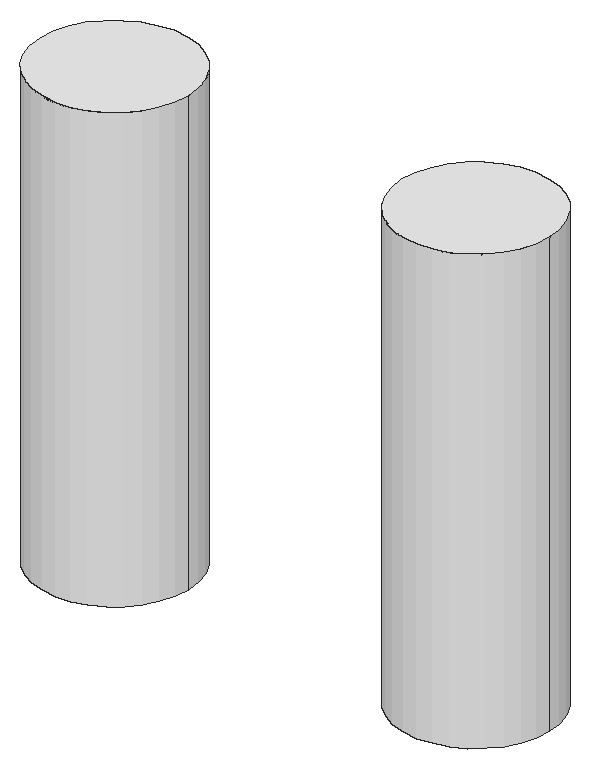
Revit family "05672119", category Plumbing Fixtures, Revit 2020
Family settings
  Round Connector Dimension = Use Diameter
  Part Type = Normal
  OmniClass Number = 23.45.55.00
  OmniClass Title = Sanitary Faucets, Wastes
  Work Plane-Based = No
  Always vertical = Yes
  Cut with Voids When Loaded = No
  Shared = No
  Room Calculation Point = No
Parameters (values of type "05672119 Washbasin faucet, 6 V, Bluetooth")
  Working Pressure = "100 - 1000 kPa"
  WarrantyStartDate [instance] = "n/a"
  WarrantyGuarantorParts = "n/a"
  WarrantyGuarantorLabor = "n/a"
  WarrantyDurationUnit = "Year"
  WarrantyDurationParts = "n/a"
  WarrantyDurationLabor = "n/a"
  WarrantyDescription = "http://warranty.hansa.com"
  Warranty Information URL = "http://warranty.hansa.com"
  VersionDate = "01/06/2023"
  Version = "1"
  ValvePattern = "n/a"
  ValveOperation = "n/a"
  ValveMechanism = "n/a"
  Uniclass2015Reference = "Pr_40_20_87_96"
  Uniclass2015Description = "Washbasin manual water supply sets"
  Uniclass2 = "Pr_40_30_96_96"
  URL WEEE = "http://static.hansa.com/WEEE/05672119"
  URL UN38.3 = "http://static.hansa.com/UN383/05672119"
  URL REACH = "http://static.hansa.com/doc/reach"
  URL EcoLabel Declaration = "http://static.hansa.com/doc/EcoLabel"
  URL EU Packaging Declaration = "http://static.hansa.com/doc/packaging"
  URL Declaration of SCIP = "http://static.hansa.com/doc/SCIP"
  URL Declaration of Conformity = "http://static.hansa.com/DoC/05672119"
  URL Declaration of Asbestos = "http://static.hansa.com/doc/asbestos"
  URL Declaration Of Performance (DOP) = "http://static.hansa.com/doc/DoP"
  URL ABP = "http://static.hansa.com/ABP/05672119"
  URL = ""
  UNSPSC Class Number = "30181700 Faucets or taps"
  Type Comments = ""
  TestPressure = "n/a"
  Temperature Adjustments = "Adjustable hot water stop (included, retrofittable)"
  Temperature = "Temperature regulator"
  Technical DataSheet URL = "http://www.hansa.com/datasheet/05672119/en"
  TagNumber [instance] = "n/a"
  SustainabilityPerformance = "n/a"
  Surface treatment = "Chrome"
  Spout Type = "Fixed spout;Casted construction"
  Spout Projection = "117 mm"
  Special Features = "Waterways without nickel, adjustable settings BT, leadfree"
  Spare-Part Information URL = "http://static.hansa.com/sp/05672119"
  Size = "69x154x146 mm"
  Shape = "Sculptured"
  SerialNumber [instance] = "n/a"
  Sales Package dimensions (LxWxH) = "290 x 210 x 90"
  Revision = "n/a"
  ReplacementCost = "n/a"
  Protection Class = "IP 55"
  ProductInformation = "n/a"
  Product URL = "http://static.hansa.com/05672119"
  Product Image URL = "http://static.hansa.com/image/05672119"
  Product Family = "HANSAMEDIPRO Protec"
  Product Code = "05672119"
  OperatingMechanismMaterial = "n/a"
  Operating Voltage = 6 V
  Operating Distance = "20-130 mm (110/130/160 mm)"
  NominalWidth = 69 mm
  NominalHeight = 146 mm
  NominalDepth = 154 mm
  Noise Class = "I (ISO 3822)"
  Name_en = "05672119 Washbasin faucet, 6 V, Bluetooth"
  Name = "05672119 Washbasin faucet, 6 V, Bluetooth"
  NBSReference = "45-35-70/371"
  NBSDescription = "Water supply fittings for wash basins and troughs"
  Mounting Holes = "1 hole"
  ModelReference = "05672119"
  ModelNumber = "n/a"
  Model = "05672119 Washbasin faucet, 6 V, Bluetooth"
  Mobile Product Information URL = "http://mpi.hansa.com/05672119"
  Mechanical Parts = "Litter filter(s);Mixing valve for manual temperature control;Non-return valve(s)"
  Max. Hot Water Supply = 70 °C
  Max Flow Period = "2 min (1 - 1800 s)"
  Material = "Brass"
  Market = "Austria;Belgium;Czech Republic;Germany;Spain;France;International;Italy;Netherlands;Slovakia"
  ManufacturerURL = "http://www.hansa.com"
  ManufacturerName = "HANSA"
  Manufacturer = "HANSA"
  Lifestyle photo = "http://static.hansa.com/lifestyle/05672119"
  Lever Handle = "Temperature control handle"
  Interactive AR View URL = "https://static.hansa.com/AR/05672119"
  InstallationDate [instance] = "n/a"
  Installation and Maintenance Guide URL = "http://static.hansa.com/manual/05672119"
  Installation Type = "Deck mounted"
  InletConnectionSize = 10 mm
  IfcExportType = "FAUCET"  # constant formula
  IfcExportAs = "IfcValveType"  # constant formula
  Group = "Washbasin faucet"
  Grade = "n/a"
  FlowCoefficient = 0
  Flow Rate At 300kPa With Flow Controller = 0.1 L/s
  Flow Drawing URL = "http://static.hansa.com/flowchart/05672119"
  Finish = "Polished"
  Features = "Touchless;Battery-operated;Bluetooth®"
  FaucetMainMaterial = Brass
  FDV Document URL = "http://www.hansa.com/datasheet/05672119/en/fdv"
  ExpectedLife = "n/a"
  Excluded Items = "Without pop-up waste;Without draw-rod opening"
  Electronic Parts = "Autofocus infrared sensor;Solenoid valve;Low battery indicator"
  ETIM Class Number = "EC010340 Electronic tap"
  EN Standard = "EN 15091,\nETSI EN 301 489-1 V1.9.2 , \nETSI EN 300 328 v2.2.2 , \nEN 61000-6-1:2007 , \nEN 61000-6-3:2007+A1:2011+AC:2012 , \nEN 60335-1:2012+A11+A13+A1+A14+A2+A15:2021, Part 19.11.4"
  EMC Directive = "Radio Equipment Directive 2014/53/EU , \nLow Voltage Directive 2014/35/EU , \nEMC Directive 2014/30/EU , \nRoHS Directive 2011/65/EU"
  EAN Number = "4057304005039"
  DurationUnit = "Year"
  Dimension Drawing URL = "http://static.hansa.com/dimdrw/05672119"
  Description = ""
  DefaultElevation [instance] = 900 mm
  Default Elevation = 0 mm
  Constituents = "n/a"
  Connection Size = "G3/8"
  Connection = "Flexible inlet pipes;Special coating for hygienic premises"
  Color = "Chrome"
  CodePerformance = "n/a"
  CloseOffRating = 0
  Catalog Drawing URL = "http://static.hansa.com/catdrw/05672119"
  Brand = "HANSA"
  BodyMaterial = "Brass"
  Bluetooth = "4.x (D034445)"
  Battery = "Lithium 2CR5 6 V"
  Barcode [instance] = "n/a"
  Backflow Prevention EN1717 = "AA"
  BIMObjectName = "05672119"
  Automatic Flush Period = "30 s (1-1800 s)"
  Automatic Flush Frequency = "off (off/1-120 h)"
  Author = "BIMStone"
  AssetType = "Fixed"
  AssetIdentifier [instance] = "n/a"
  Approval ABP = "P-IX 29469/IO"
  Ambience photo = "http://static.hansa.com/ambience/05672119"
  Afterflow Period = "3 s (1-20 s)"
  Aerator = "Laminar stream"
  Advanced Features = "Inner body made of DZR brass;Surfaces in contact with drinking water contain less than 0.3% lead;Waterways without nickel coating;;Software settings adjustable via App"
  AccessibilityPerformance = "n/a"
  3D View = "https://static.hansa.com/AR/05672119"
  2D/3D/BIM Files URL = "http://static.hansa.com/bim/05672119"
Reference planes
  plane 1 "Center (Front/Back)": y = 0
  plane 2: z = 0
  plane 3 "Center (Left/Right)": x = 0
  plane 4: x = -27.5
  plane 5: x = 27.5
  plane 6: z = 1046
  plane 7: z = 900
  plane 8: x = 41.5
  plane 9: z = 870
  plane 10: y = -154
Forms (mm)
  Extrusion 1, solid, material "Brass" <- "FaucetMainMaterial", detail levels medium
    sketch origin (0, 0, 0) x (0, 1, 0) y (0, 0, 1)
      loop
        line (0, 900) -> (-12.859, 1024.354) -> (-135.619, 1046) -> (-148.585, 1046) -> (-154, 1015.291) -> (-86.606, 1003.408)
        arc (-86.606, 1003.408) -> (-68.053, 994.182) -> (-59.757, 975.194) r 30.321
        line (-59.757, 975.194) -> (-55, 900) -> (0, 900)
    from -27.5 to 27.5
  Extrusion 2, solid, material "Brass" <- "FaucetMainMaterial", detail levels medium
    sketch origin (0, 0, 0) x (1, 0, 0) y (0, 0, 1)
      loop
        line (27.5, 910.024) -> (41.5, 910.024) -> (41.5, 948.779) -> (27.5, 948.779) -> (27.5, 910.024)
    from 21.555 to 37.598
  Extrusion 3, solid, material "Brass" <- "FaucetMainMaterial", detail levels coarse
    sketch origin (0, 0, 0) x (1, 0, 0) y (0, 1, 0)
      loop
        line (-27.5, 0) -> (-27.5, -154) -> (41.5, -154) -> (41.5, 0) -> (-27.5, 0)
    from 900 to 1046
  Extrusion 4, solid, material "Brass" <- "FaucetMainMaterial"
    sketch origin (0, 0, 0) x (1, 0, 0) y (0, 1, 0)
      loop
        circle (-12.25, -27.5) r 5
      loop
        circle (12.25, -27.5) r 5
    from 870 to 900
Lines and regions (mm)
  symbolic lines, detail levels medium+fine
    curve 1: line (-15.5, -69.537, 0) -> (-15.5, -136.64, 0)
    curve 2: arc (-22.324, -45.737, 0) -> (-17.24, -57.157, 0) -> (-15.5, -69.537, 0) r 44.913
    curve 3: arc (-27.502, -27.489, 0) -> (-26.212, -36.982, 0) -> (-22.324, -45.737, 0) r 33.978
    curve 5: line (15.499, -71.499, 0) -> (15.499, -136.64, 0)
    curve 6: arc (22.753, -45.031, 0) -> (17.345, -57.777, 0) -> (15.499, -71.499, 0) r 51.914
    curve 8: spline (-15.5, -136.64, 0) -> (-15.464, -137.691, 0) -> (-15.356, -138.738, 0) -> (-15.177, -139.774, 0) -> (-14.927, -140.796, 0) -> (-14.608, -141.799, 0) -> (-14.221, -142.778, 0) -> (-13.767, -143.728, 0) -> (-13.25, -144.646, 0) -> (-12.671, -145.526, 0) -> (-12.033, -146.365, 0) -> (-11.34, -147.158, 0) -> (-10.593, -147.903, 0)
    curve 10: spline (10.592, -147.903, 0) -> (11.339, -147.158, 0) -> (12.032, -146.365, 0) -> (12.67, -145.526, 0) -> (13.249, -144.646, 0) -> (13.766, -143.728, 0) -> (14.219, -142.778, 0) -> (14.606, -141.799, 0) -> (14.926, -140.797, 0) -> (15.175, -139.774, 0) -> (15.355, -138.738, 0) -> (15.463, -137.691, 0) -> (15.499, -136.64, 0)
    curve 11: arc (-10.593, -147.903, 0) -> (0, -154, 0) -> (10.592, -147.903, 0) r 12.251
    curve 12: line (41.5, -34.339, 0) -> (41.5, -28.836, 0)
    curve 13: arc (26.89, -21.734, 0) -> (-2.895, -0.141, 0) -> (-27.502, -27.489, 0) r 27.501
    curve 14: line (40.622, -35.332, 0) -> (26.175, -37.105, 0)
    curve 15: arc (41.5, -28.836, 0) -> (41.367, -27.938, 0) -> (40.981, -27.117, 0) r 3.104
    curve 16: arc (40.981, -27.117, 0) -> (38.549, -24.68, 0) -> (35.368, -23.366, 0) r 8.772
    curve 17: line (35.368, -23.366, 0) -> (26.89, -21.734, 0)
    curve 18: arc (26.175, -37.105, 0) -> (24.717, -41.177, 0) -> (22.753, -45.031, 0) r 33.977
    curve 19: line (-27.5, 0, 900) -> (27.5, 0, 900)
    curve 20: line (-27.5, 0, 900) -> (-27.5, 0, 926.446)
    curve 21: line (-27.5, 0, 926.446) -> (-24.359, 0, 988.391)
    curve 22: arc (-24.359, 0, 988.391) -> (-21.799, 0, 1003.69) -> (-15.365, 0, 1017.804) r 59.407
    curve 23: line (-15.365, 0, 1017.804) -> (-15.365, 0, 1030.848)
    curve 24: line (27.5, 0, 900) -> (27.5, 0, 910.024)
    curve 25: line (27.5, 0, 926.446) -> (24.359, 0, 988.391)
    curve 26: arc (24.359, 0, 988.391) -> (21.799, 0, 1003.69) -> (15.365, 0, 1017.804) r 59.407
    curve 27: line (15.365, 0, 1017.804) -> (15.365, 0, 1030.848)
    curve 28: spline (-15.365, 0, 1030.848) -> (-14.842, 0, 1034.769) -> (-13.307, 0, 1038.424) -> (-10.865, 0, 1041.562) -> (-7.683, 0, 1043.97) -> (-3.977, 0, 1045.484) -> (0, 0, 1046) -> (3.977, 0, 1045.484) -> (7.683, 0, 1043.97) -> (10.865, 0, 1041.562) -> (13.307, 0, 1038.424) -> (14.842, 0, 1034.769) -> (15.365, 0, 1030.848)
    curve 31: line (27.5, 0, 925.002) -> (28.92, 0, 925.002)
    curve 32: line (28.92, 0, 925.002) -> (30.131, 0, 942.325)
    curve 33: line (40.891, 0, 942.325) -> (41.5, 0, 913.532)
    curve 34: arc (41.5, 0, 913.532) -> (40.545, 0, 911.082) -> (38.138, 0, 910.024) r 3.436
    curve 35: line (38.138, 0, 910.024) -> (27.5, 0, 910.024)
    curve 36: line (27.5, 0, 925.002) -> (27.5, 0, 926.446)
    curve 38: spline (30.131, 0, 942.325) -> (30.314, 0, 943.984) -> (30.852, 0, 945.53) -> (31.707, 0, 946.857) -> (32.821, 0, 947.875) -> (34.118, 0, 948.516) -> (35.511, 0, 948.734) -> (36.903, 0, 948.516) -> (38.201, 0, 947.875) -> (39.315, 0, 946.857) -> (40.17, 0, 945.53) -> (40.707, 0, 943.984) -> (40.891, 0, 942.325)
    curve 48: arc (41.5, -34.339, 0) -> (41.249, -35.002, 0) -> (40.622, -35.332, 0) r 1
    curve 49: line (0, 0, 900) -> (0, -55, 900)
    curve 50: line (0, -55, 900) -> (0, -55.619, 916.453)
    curve 51: line (0, -84.76, 1004.974) -> (0, -125.816, 1012.213)
    curve 52: line (0, -125.816, 1012.213) -> (0, -131.524, 1015.509)
    curve 53: line (0, -133.881, 1011.428) -> (0, -154, 1023.043)
    curve 54: line (0, -154, 1023.043) -> (0, -151.643, 1027.125)
    curve 55: line (0, -133.881, 1011.428) -> (0, -131.524, 1015.509)
    curve 56: line (0, -135.61, 1045.734) -> (0, -29.997, 1025.912)
    curve 57: line (0, -10.004, 1003.785) -> (0, 0, 900)
    curve 58: arc (0, -29.997, 1025.912) -> (0, -16.269, 1018.22) -> (0, -10.004, 1003.785) r 24.622
    curve 59: line (0, -154, 1028.486) -> (0, -154, 1030.221)
    curve 60: arc (0, -154, 1030.221) -> (0, -148.486, 1042.341) -> (0, -135.61, 1045.734) r 15.528
    curve 62: line (0, -151.643, 1027.125) -> (0, -154, 1028.486)
    curve 63: arc (0, -57.858, 976.002) -> (0, -65.933, 995.48) -> (0, -84.76, 1004.974) r 30.299
    curve 64: arc (0, -56.561, 941.503) -> (0, -58.032, 937.948) -> (0, -56.298, 934.514) r 4.616
    curve 65: arc (0, -55.882, 923.448) -> (0, -57.244, 919.894) -> (0, -55.619, 916.453) r 4.846
    curve 66: line (0, -55.882, 923.448) -> (0, -56.298, 934.514)
    curve 68: line (0, -56.561, 941.503) -> (0, -57.858, 976.002)
  symbolic lines, detail levels fine
    curve 4: arc (27.5, -27.489, 0) -> (27.347, -24.595, 0) -> (26.89, -21.734, 0) r 27.502
    curve 7: arc (27.5, -27.489, 0) -> (27.182, -32.345, 0) -> (26.175, -37.105, 0) r 33.977
    curve 9: spline (-10.593, -147.903, 0) -> (-9.095, -149.133, 0) -> (-7.454, -150.168, 0) -> (-5.695, -150.989, 0) -> (-3.847, -151.586, 0) -> (-1.939, -151.947, 0) -> (0, -152.069, 0) -> (1.938, -151.947, 0) -> (3.846, -151.586, 0) -> (5.694, -150.989, 0) -> (7.453, -150.168, 0) -> (9.094, -149.134, 0) -> (10.592, -147.903, 0)
    curve 29: circle (0, 0, 937.975) r 3.491 normal (0, -1, 0)
    curve 30: circle (0, 0, 919.975) r 3.491 normal (0, -1, 0)
    curve 37: arc (27.5, 0, 925.002) -> (26.178, 0, 917.513) -> (27.5, 0, 910.024) r 21.866
    curve 39: spline (-15.365, 0, 1030.848) -> (-15.342, 0, 1030.007) -> (-15.271, 0, 1029.17) -> (-15.153, 0, 1028.337) -> (-14.989, 0, 1027.512) -> (-14.778, 0, 1026.698) -> (-14.522, 0, 1025.896) -> (-14.221, 0, 1025.11) -> (-13.876, 0, 1024.341) -> (-13.489, 0, 1023.592) -> (-13.06, 0, 1022.865) -> (-12.591, 0, 1022.163) -> (-12.084, 0, 1021.488)
    curve 40: spline (12.084, 0, 1021.488) -> (12.591, 0, 1022.163) -> (13.06, 0, 1022.865) -> (13.489, 0, 1023.592) -> (13.876, 0, 1024.341) -> (14.221, 0, 1025.11) -> (14.522, 0, 1025.896) -> (14.778, 0, 1026.698) -> (14.989, 0, 1027.512) -> (15.153, 0, 1028.337) -> (15.271, 0, 1029.17) -> (15.342, 0, 1030.007) -> (15.365, 0, 1030.848)
    curve 41: spline (-11.212, 0, 1024.032) -> (-10.105, 0, 1025.228) -> (-8.604, 0, 1026.277) -> (-6.766, 0, 1027.139) -> (-4.663, 0, 1027.78) -> (-2.378, 0, 1028.175) -> (0, 0, 1028.308) -> (2.378, 0, 1028.175) -> (4.663, 0, 1027.78) -> (6.766, 0, 1027.139) -> (8.604, 0, 1026.277) -> (10.105, 0, 1025.228) -> (11.212, 0, 1024.032)
    curve 42: line (-11.212, 0, 1019.289) -> (-11.212, 0, 1018.089)
    curve 43: line (11.212, 0, 1019.289) -> (11.212, 0, 1018.089)
    curve 44: spline (11.212, 0, 1024.032) -> (11.476, 0, 1023.624) -> (11.694, 0, 1023.207) -> (11.864, 0, 1022.784) -> (11.986, 0, 1022.355) -> (12.059, 0, 1021.922) -> (12.084, 0, 1021.488) -> (12.059, 0, 1021.054) -> (11.986, 0, 1020.622) -> (11.864, 0, 1020.193) -> (11.694, 0, 1019.769) -> (11.476, 0, 1019.352) -> (11.212, 0, 1018.944)
    curve 45: spline (11.212, 0, 1018.089) -> (10.83, 0, 1019.493) -> (9.71, 0, 1020.801) -> (7.928, 0, 1021.925) -> (5.606, 0, 1022.787) -> (2.902, 0, 1023.328) -> (0, 0, 1023.513) -> (-2.902, 0, 1023.328) -> (-5.606, 0, 1022.787) -> (-7.928, 0, 1021.925) -> (-9.71, 0, 1020.801) -> (-10.83, 0, 1019.493) -> (-11.212, 0, 1018.089) -> (-10.83, 0, 1016.686) -> (-9.71, 0, 1015.377) -> (-7.928, 0, 1014.254) -> (-5.606, 0, 1013.392) -> (-2.902, 0, 1012.85) -> (0, 0, 1012.665) -> (2.902, 0, 1012.85) -> (5.606, 0, 1013.392) -> (7.928, 0, 1014.254) -> (9.71, 0, 1015.377) -> (10.83, 0, 1016.686) -> (11.212, 0, 1018.089)
    curve 46: spline (11.212, 0, 1019.289) -> (10.83, 0, 1020.693) -> (9.71, 0, 1022.001) -> (7.928, 0, 1023.125) -> (5.606, 0, 1023.987) -> (2.902, 0, 1024.528) -> (0, 0, 1024.713) -> (-2.902, 0, 1024.528) -> (-5.606, 0, 1023.987) -> (-7.928, 0, 1023.125) -> (-9.71, 0, 1022.001) -> (-10.83, 0, 1020.693) -> (-11.212, 0, 1019.289)
    curve 47: spline (-11.212, 0, 1018.944) -> (-11.476, 0, 1019.352) -> (-11.694, 0, 1019.769) -> (-11.864, 0, 1020.193) -> (-11.986, 0, 1020.622) -> (-12.059, 0, 1021.054) -> (-12.084, 0, 1021.488) -> (-12.059, 0, 1021.922) -> (-11.986, 0, 1022.355) -> (-11.864, 0, 1022.784) -> (-11.694, 0, 1023.207) -> (-11.476, 0, 1023.624) -> (-11.212, 0, 1024.032)
    curve 61: line (0, -131.524, 1015.509) -> (0, -151.643, 1027.125)
    curve 67: line (0, -55.619, 916.453) -> (0, -55.882, 923.448)
    curve 69: line (0, -56.298, 934.514) -> (0, -56.561, 941.503)
Dimensions and locks
  equal spacing: plane 4, plane 3 "Center (Left/Right)", plane 5
  "NominalHeight": plane 6 to plane 7
  "DefaultElevation": plane 7 to level
  locked: plane 5 to plane 8 at 14
  "NominalWidth": plane 4 to plane 8
  locked: plane 7 to plane 9 at 30
  "NominalDepth": plane 10 to plane 1 "Center (Front/Back)"
  "InletConnectionSize": diameter of Extrusion 4 sketch curve  (x2)
  aligned and locked: level to plane 2
  aligned and locked: plane 6 to Extrusion 3
  aligned and locked: Extrusion 3 to plane 7
  aligned and locked: plane 7 to Extrusion 4
  aligned and locked: Extrusion 4 to plane 9
  aligned and locked: import instance to plane 7
Automatic sketch dimensions
  curve 19 to plane 4 = 0 mm
  curve 30 to plane 3 "Center (Left/Right)" = 0 mm
  curve 45 to plane 3 "Center (Left/Right)" = 0 mm
  curve 40 to plane 3 "Center (Left/Right)" = 0 mm
  curve 28 to plane 3 "Center (Left/Right)" = 0 mm
  curve 39 to plane 3 "Center (Left/Right)" = 0 mm
  curve 29 to plane 3 "Center (Left/Right)" = 0 mm
  curve 19 to plane 5 = 0 mm
  curve 31 to plane 5 = 0 mm
  curve 33 to plane 8 = 0 mm
  curve 19 to plane 7 = 0 mm
  curve 26 to plane 4 = 7.512 mm
  plane 4 to curve 21 = 3.141 mm
  plane 4 to curve 23 = 12.135 mm
  curve 43 to curve 27 = 4.154 mm
  curve 25 to plane 5 = 3.141 mm
  curve 37 to curve 32 = 1.42 mm
  plane 5 to curve 32 = 2.631 mm
  curve 22 to plane 8 = 6.488 mm
  curve 34 to plane 8 = 3.435 mm
  curve 35 to plane 8 = 3.362 mm
  curve 33 to plane 8 = 0.609 mm
  plane 8 to curve 37 = 6.544 mm
  plane 7 to curve 24 = 10.024 mm
  curve 34 to curve 34 = 3.435 mm
  curve 33 to curve 37 = 3.981 mm
  plane 7 to curve 30 = 19.975 mm
  curve 37 to curve 36 = 1.444 mm
  plane 7 to curve 20 = 26.446 mm
  curve 30 to curve 29 = 18 mm
  curve 25 to curve 33 = 15.879 mm
  curve 26 to plane 6 = 59.682 mm
  curve 22 to plane 6 = 59.682 mm
  curve 22 to curve 25 = 2.073 mm
  curve 26 to curve 21 = 2.073 mm
  curve 27 to curve 43 = 1.486 mm
  curve 46 to curve 23 = 11.558 mm
  curve 39 to curve 28 = 0 mm
  curve 40 to curve 39 = 0 mm
  curve 47 to curve 47 = 0.872 mm
  curve 41 to curve 46 = 0 mm
  curve 46 to curve 40 = 0.872 mm
  curve 42 to curve 46 = 1.2 mm
  curve 45 to curve 46 = 1.2 mm
  curve 43 to curve 45 = 0 mm
  curve 46 to curve 47 = 2.199 mm
  curve 47 to curve 47 = 2.544 mm
  curve 40 to curve 28 = 0 mm
  curve 39 to curve 40 = 0 mm
  curve 41 to curve 39 = 0 mm  (x2)
  curve 39 to curve 47 = 0 mm
  curve 46 to curve 40 = 2.199 mm
  curve 47 to plane 3 "Center (Left/Right)" = 0 mm
  curve 41 to plane 3 "Center (Left/Right)" = 0 mm
  curve 44 to plane 3 "Center (Left/Right)" = 0 mm
  curve 39 to curve 44 = 0 mm
  curve 44 to curve 46 = 0.345 mm
  Extrusion 2 sketch curve to plane 5 = 0 mm
  Extrusion 2 sketch curve to plane 8 = 0 mm
  plane 7 to Extrusion 2 sketch curve = 10.024 mm
  Extrusion 2 sketch curve to Extrusion 2 sketch curve = 38.755 mm
  Extrusion 3 sketch curve to plane 4 = 0 mm
  Extrusion 3 sketch curve to plane 8 = 0 mm
  plane 1 "Center (Front/Back)" to Extrusion 3 sketch curve = 0 mm
  curve 7 to curve 18 = 0 mm  (x2)
  curve 8 to plane 3 "Center (Left/Right)" = 0 mm
  curve 12 to plane 8 = 0 mm
  curve 11 to plane 3 "Center (Left/Right)" = 0 mm
  curve 13 to plane 3 "Center (Left/Right)" = 0.001 mm
  curve 4 to curve 13 = 0.001 mm  (x2)
  curve 18 to plane 3 "Center (Left/Right)" = 6.476 mm
  plane 4 to curve 1 = 12 mm
  curve 2 to plane 4 = 32.913 mm
  plane 3 "Center (Left/Right)" to curve 3 = 6.475 mm
  curve 5 to plane 5 = 12.001 mm
  curve 14 to plane 5 = 1.325 mm
  curve 17 to plane 5 = 0.61 mm
  plane 5 to curve 16 = 6.176 mm
  curve 17 to plane 8 = 6.132 mm
  curve 15 to plane 8 = 3.104 mm
  curve 14 to plane 8 = 0.878 mm
  plane 8 to curve 6 = 25.912 mm
  curve 11 to curve 5 = 5.109 mm
  curve 10 to curve 1 = 0 mm
  plane 1 "Center (Front/Back)" to curve 5 = 71.499 mm
  curve 5 to curve 1 = 1.962 mm
  curve 6 to curve 14 = 34.394 mm
  curve 14 to curve 14 = 1.773 mm
  curve 48 to curve 16 = 2.365 mm
  curve 48 to curve 12 = 5.503 mm
  plane 1 "Center (Front/Back)" to curve 18 = 27.708 mm
  curve 7 to curve 3 = 0.001 mm
  curve 7 to curve 4 = 0.218 mm
  curve 15 to curve 17 = 5.469 mm
  curve 9 to plane 3 "Center (Left/Right)" = 0 mm
  curve 10 to curve 9 = 0 mm
  curve 9 to plane 3 "Center (Left/Right)" = 10.593 mm
  curve 9 to curve 1 = 0 mm
  curve 1 to curve 9 = 0 mm
  curve 14 to curve 48 = 0.993 mm
  Extrusion 1 sketch curve to plane 10 = 0 mm
  Extrusion 1 sketch curve to plane 6 = 0 mm
  Extrusion 1 sketch curve to plane 7 = 0 mm
  Extrusion 1 sketch curve to plane 1 "Center (Front/Back)" = 0 mm
  Extrusion 1 sketch curve to plane 10 = 5.415 mm
  Extrusion 1 sketch curve to Extrusion 1 sketch curve = 12.966 mm
  Extrusion 1 sketch curve to plane 10 = 63.983 mm
  Extrusion 1 sketch curve to Extrusion 1 sketch curve = 3.411 mm
  Extrusion 1 sketch curve to Extrusion 1 sketch curve = 55 mm
  plane 1 "Center (Front/Back)" to Extrusion 1 sketch curve = 12.859 mm
  Extrusion 1 sketch curve to plane 6 = 72.72 mm
  Extrusion 1 sketch curve to Extrusion 1 sketch curve = 30.128 mm
  Extrusion 1 sketch curve to plane 6 = 21.646 mm
  Extrusion 1 sketch curve to Extrusion 1 sketch curve = 30.26 mm
  curve 54 to plane 10 = 0 mm
  curve 60 to plane 10 = 0 mm
  curve 49 to plane 7 = 0 mm
  curve 49 to plane 1 "Center (Front/Back)" = 0 mm
  curve 62 to plane 10 = 2.357 mm
  curve 54 to curve 60 = 13.17 mm
  curve 56 to plane 6 = 0.266 mm
  curve 60 to curve 56 = 2.864 mm
  curve 60 to curve 53 = 4.593 mm
  curve 52 to curve 52 = 5.708 mm
  curve 51 to curve 63 = 37.68 mm
  curve 63 to curve 51 = 3.376 mm
  curve 63 to curve 68 = 30.278 mm
  curve 63 to curve 64 = 4.439 mm
  curve 64 to curve 65 = 1.018 mm
  plane 1 "Center (Front/Back)" to curve 58 = 34.539 mm
  curve 58 to curve 56 = 4.542 mm
  plane 1 "Center (Front/Back)" to curve 57 = 10.004 mm
  plane 7 to curve 65 = 20.076 mm
  curve 65 to curve 64 = 18.045 mm
  curve 63 to curve 63 = 30.111 mm
  curve 63 to curve 58 = 25.711 mm
  curve 58 to curve 57 = 2.072 mm
  curve 53 to curve 60 = 34.306 mm
  curve 53 to curve 51 = 0.786 mm
  curve 59 to curve 59 = 1.735 mm
  curve 64 to curve 64 = 3.142 mm
  curve 65 to curve 65 = 3.481 mm
  curve 65 to curve 65 = 3.218 mm
  curve 65 to curve 65 = 3.623 mm
  curve 64 to curve 63 = 36.742 mm
  curve 50 to curve 50 = 0.619 mm
  curve 64 to curve 69 = 3.381 mm
  plane 7 to curve 69 = 34.514 mm
  curve 1 to plane 10 = 17.36 mm
  curve 11 to plane 10 = 6.097 mm
  plane 10 to Extrusion 3 sketch curve = 0 mm
  Extrusion 4 sketch curve to plane 3 "Center (Left/Right)" = 12.25 mm
  plane 3 "Center (Left/Right)" to Extrusion 4 sketch curve = 12.25 mm
  plane 1 "Center (Front/Back)" to Extrusion 4 sketch curve = 27.5 mm
  Extrusion 4 sketch curve to Extrusion 4 sketch curve = 0 mm
  radius of curve 29 = 3.491 mm
  radius of curve 30 = 3.491 mm
Nested families
  nested 1: "Symbol" at (0, 0, 0), type "Symbol", detail levels coarse
Connectors
  piping at (-12.25, -27.5, 870), diameter 10, driven by "InletConnectionSize"
    settings: on Extrusion 4, index 1, connector inside diameter 609.6 mm, connector length 0 mm, flow factor 0, pipe flow 0.0 L/s, pressure drop 0.0 Pa, fitting loss kfactor 0, connector angle 0.00°, fixture units 0, engagement length 0 mm, angle of deflection 0.00°, flow configuration 1, flow direction 1, fitting loss method 0, system type 19, joint type 0, gender type 0, connector reference index -1, connector utility 0, adjustable connector no, is connector primary yes, connector description ""
  piping at (12.25, -27.5, 870), diameter 10, driven by "InletConnectionSize"
    settings: on Extrusion 4, index 2, connector inside diameter 609.6 mm, connector length 0 mm, flow factor 0, pipe flow 0.0 L/s, pressure drop 0.0 Pa, fitting loss kfactor 0, connector angle 0.00°, fixture units 0, engagement length 0 mm, angle of deflection 0.00°, flow configuration 1, flow direction 1, fitting loss method 0, system type 20, joint type 0, gender type 0, connector reference index -1, connector utility 0, adjustable connector no, is connector primary no, connector description ""
Definition of nested family "Symbol"
  Reference planes
    plane 1: y = 0
    plane 2: x = 0
  Lines and regions (mm)
    detail lines
      curve 1: line (0, 0, 0) -> (0, -1.8, 0)
      curve 2: line (-0.4, -1.1, 0) -> (0.4, -1.1, 0)
      curve 3: line (-0.4, -1.4, 0) -> (0.4, -1.4, 0)
      curve 4: line (0.863, 0, 0) -> (-0.863, 0, 0)
      curve 5: circle (-1.163, 0, 0) r 0.3 normal (0, 0, -1)
      curve 6: circle (1.163, 0, 0) r 0.3 normal (0, 0, 1)
